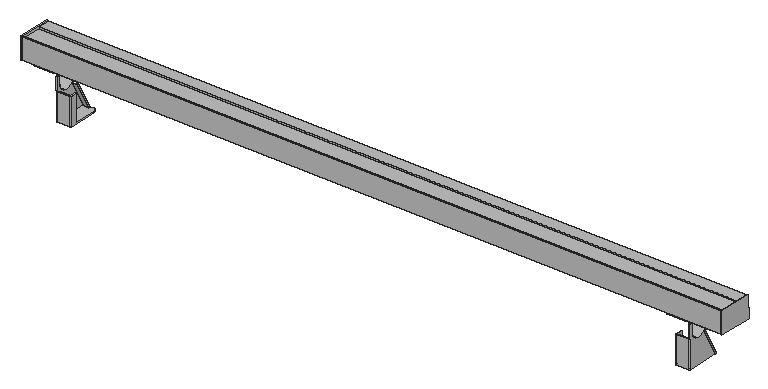
Revit family "4070765+4070747+4070771 Feilo Sylvania Lighting Fixtures CURSUS 1161MM 827LM OVAL LED 3K with SINGLE WALL HOUSING with 70MM WALL BRACKET", category Lighting Fixtures, host Face, Revit 2017
Family settings
  Host = Face
  Round Connector Dimension = Use Diameter
  Part Type = Normal
  OmniClass Number = 23.80.70.14
  OmniClass Title = Luminaries for External Lighting
  Cut with Voids When Loaded = Yes
  Light Source = No
  Shared = No
  Room Calculation Point = No
Parameters (values of type "4070765 CURSUS 1161MM 827LM OVAL LED 3K")
  Weight = "2.2 kg"
  Wattage Comments = "n/a"
  WarrantyStartDate [instance] = "n/a"
  WarrantyGuarantorParts = "n/a"
  WarrantyDurationUnit = "n/a"
  WarrantyDurationParts = "n/a"
  WarrantyDescription = "n/a"
  Voltage = 24 V
  URL = "http://www.sylvania-lighting.com"
  TypeName = "CURSUS 1161MM 827LM OVAL LED 3K"
  TypeFixture_FEILO = CURSUS with SINGLE WALL HOUSING : CURSUS 1161MM 827LM OVAL LED 3K
  Type Image = <None>
  Type Comments = "n/a"
  TiltAngle [instance] = 0.00°
  StartAngle [instance] = TiltAngle + 270.00°  # 270.00°
  SerialNumber [instance] = "n/a"
  ReflectorMaterial = none
  PowerFactor = 0
  PowerConsumption = "18 W"
  NominalLength = 1161 mm
  NominalHeight = 50 mm
  NominalDepth = 30 mm
  Name = "CURSUS 1161MM 827LM OVAL LED 3K"
  ModelReference = Name  # "CURSUS 1161MM 827LM OVAL LED 3K"
  ModelNumber = "4070765"
  Model = Name  # "CURSUS 1161MM 827LM OVAL LED 3K"
  Material = "natural anodised extruded aluminium structure housing, optical system with pmma lenses diffuser"
  ManufacturerName = "Feilo Sylvania"
  Manufacturer = "Feilo Sylvania"
  LuminousEfficacy = "45.94 lm/W"
  LuminaireType = ""
  LightOutputRatio = "100"
  LampsType = Lamp  # "LED"
  LampNominalLuminous = "827 lm"
  LampMacAdamStep = "n/a"
  LampColourTemperature = "3000 K"
  LampColourRenderingIndex = "80"
  Lamp = "LED"
  Keynote = "16500"
  InstallationDate [instance] = "n/a"
  InputVoltage = "24V DC"
  InputNominalFrequency = "n/a"
  IngressProtection = "IP67"
  ImpactProtectionIndex = "IK07"
  IfcExportType = "IfcLightFixtureType"
  IfcExportAs = "IfcLightFixtureType"
  ExpectedLife = 50000
  EndAngle [instance] = StartAngle - 180.00°  # 90.00°
  ElectricShockClassification = "Class III"
  DurationUnit = "hours"
  DocumentationLiterature = "http://www.sylvania-lighting.com/product/en-int/products/4070765"
  DimmingControlOptions = "n/a"
  DiffuserMaterial = Diffuser-Sylvania-Glow
  Description = "LED Exterior Lighting Recessed Surface Mounted Linear Fixture, Natural anodised extruded aluminium structure. Die-cast aluminium end caps. Installation kit with harmonic steel springs., 827 lm, 18W, 45lm/W, 3000K, CRI80+,non dimmable,IP67, IK07, (HxWxD) 1161x50x30mm, 3 step Mac Adam Ellipse, 2.2kg,, Classe III, 21-25V-DC, energy class : A++, A+, A"
  Default Elevation = 1219.2 mm
  CreatedOn = "1/8/2018"
  CreatedBy = ""
  Cost = 0
  built-in parameter 1114216 [instance] = (empty or 0)
  ClassificationValue = "EF_70_80"
  ClassificationName = "Uniclass2015"
  BracketWidth = 24 mm
  BracketThickness = 2 mm
  BracketHeightEnd = 32 mm
  BracketHeight = 55 mm
  BracketFlange = BracketHeight / 5  # 11 mm
  BracketExtension = 70 mm
  BracketEndReduction = 25 mm
  BracketC = 22 mm  # constant formula
  BracketDistance = 1030 mm
  BracketD = BracketHeightEnd - (BracketC * (BracketHeight - BracketHeightEnd) / (BracketExtension - BracketEndReduction))  # 20.756 mm
  BodyMaterial = Body-Sylvania-Gray
  BarCode [instance] = "n/a"
  AssetType = "Fixed"
  AssetIdentifier [instance] = "n/a"
  Assembly Code = "D5020200"
  Apparent Load = 18 VA
  AccessoryMaterial = Diffuser-Sylvania-Glow
Reference planes
  plane 1 "Center (Front/Back)": y = 0
  plane 2: z = 0
  plane 3 "Center (Left/Right)": x = 0
  plane 4: x = -527
  plane 5: x = 527
  plane 6: y = 55
  plane 7: x = -503
  plane 8: x = 503
  plane 9: z = 70
  plane 10: z = 56
  plane 11: z = 2
  plane 12: z = 45
  plane 13: x = -525
  plane 14: y = 53
  plane 15: y = 2
  plane 16: x = -505
  plane 17: x = 505
  plane 18: x = 525
  plane 19: x = -515
  plane 20: x = 515
  plane 21: y = 11
  plane 22: y = 32
  plane 23: y = 30
  plane 24: z = 67
  plane 25: y = 20.756
  plane 26: y = 16
Forms (mm)
  Blend 1, solid, material "Body-Sylvania-Gray" <- "BodyMaterial"
    base sketch origin (1223.4, -4572, 2) x (0, -1, 0) y (1, 0, 0)
      loop
        line (-4625, -1738.4) -> (-4627, -1738.4) -> (-4627, -1748.4)
        arc (-4627, -1748.4) -> (-4626.414, -1749.814) -> (-4625, -1750.4) r 2
        line (-4625, -1750.4) -> (-4574, -1750.4)
        arc (-4574, -1750.4) -> (-4572.586, -1749.814) -> (-4572, -1748.4) r 2
        line (-4572, -1748.4) -> (-4572, -1728.4)
        arc (-4572, -1728.4) -> (-4572.586, -1726.986) -> (-4574, -1726.4) r 2
        line (-4574, -1726.4) -> (-4583, -1726.4) -> (-4583, -1728.4) -> (-4574, -1728.4) -> (-4574, -1748.4) -> (-4625, -1748.4) -> (-4625, -1738.4)
    top sketch origin (1223.4, -4572, 2) x (0, -1, 0) y (1, 0, 0)
      loop
        line (-4583, -1728.4) -> (-4574, -1728.4) -> (-4574, -1748.4) -> (-4602, -1748.4) -> (-4602, -1738.4) -> (-4604, -1738.4) -> (-4604, -1748.4)
        arc (-4604, -1748.4) -> (-4603.52, -1749.71) -> (-4602.309, -1750.4) r 2.028
        line (-4602.309, -1750.4) -> (-4574, -1750.4)
        arc (-4574, -1750.4) -> (-4572.586, -1749.814) -> (-4572, -1748.4) r 2
        line (-4572, -1748.4) -> (-4572, -1728.4)
        arc (-4572, -1728.4) -> (-4572.586, -1726.986) -> (-4574, -1726.4) r 2
        line (-4574, -1726.4) -> (-4583, -1726.4) -> (-4583, -1728.4)
    from 0 to 43
  Extrusion 2, solid, material "Body-Sylvania-Gray" <- "BodyMaterial"
    sketch origin (0, 0, 0) x (1, 0, 0) y (0, 1, 0)
      loop
        arc (-525, 55) -> (-526.414, 54.414) -> (-527, 53) r 2
        line (-527, 53) -> (-527, 2)
        arc (-527, 2) -> (-526.414, 0.586) -> (-525, 0) r 2
        line (-525, 0) -> (-505, 0)
        arc (-505, 0) -> (-503.586, 0.586) -> (-503, 2) r 2
        line (-503, 2) -> (-503, 47.5)
        arc (-503, 47.5) -> (-505.197, 52.803) -> (-510.5, 55) r 7.5
        line (-510.5, 55) -> (-525, 55)
      loop
        line (525, 55) -> (510.5, 55)
        arc (510.5, 55) -> (505.197, 52.803) -> (503, 47.5) r 7.5
        line (503, 47.5) -> (503, 2)
        arc (503, 2) -> (503.586, 0.586) -> (505, 0) r 2
        line (505, 0) -> (525, 0)
        arc (525, 0) -> (526.414, 0.586) -> (527, 2) r 2
        line (527, 2) -> (527, 53)
        arc (527, 53) -> (526.414, 54.414) -> (525, 55) r 2
    from 0 to 2
  Blend 3, solid, material "Body-Sylvania-Gray" <- "BodyMaterial"
    base sketch origin (1223.4, -4572, 2) x (0, -1, 0) y (1, 0, 0)
      loop
        line (-4625, -698.4) -> (-4574, -698.4) -> (-4574, -718.4) -> (-4583, -718.4) -> (-4583, -720.4) -> (-4574, -720.4)
        arc (-4574, -720.4) -> (-4572.586, -719.814) -> (-4572, -718.4) r 2
        line (-4572, -718.4) -> (-4572, -698.4)
        arc (-4572, -698.4) -> (-4572.586, -696.986) -> (-4574, -696.4) r 2
        line (-4574, -696.4) -> (-4625, -696.4)
        arc (-4625, -696.4) -> (-4626.414, -696.986) -> (-4627, -698.4) r 2
        line (-4627, -698.4) -> (-4627, -708.4) -> (-4625, -708.4) -> (-4625, -698.4)
    top sketch origin (1223.4, -4572, 2) x (0, -1, 0) y (1, 0, 0)
      loop
        line (-4602, -708.4) -> (-4602, -698.4) -> (-4574, -698.4) -> (-4574, -718.4) -> (-4583, -718.4) -> (-4583, -720.4) -> (-4574, -720.4)
        arc (-4574, -720.4) -> (-4572.586, -719.814) -> (-4572, -718.4) r 2
        line (-4572, -718.4) -> (-4572, -698.4)
        arc (-4572, -698.4) -> (-4572.586, -696.986) -> (-4574, -696.4) r 2
        line (-4574, -696.4) -> (-4602, -696.4)
        arc (-4602, -696.4) -> (-4603.414, -696.986) -> (-4604, -698.4) r 2
        line (-4604, -698.4) -> (-4604, -708.4) -> (-4602, -708.4)
    from 0 to 43
  Blend 4, solid, material "Body-Sylvania-Gray" <- "BodyMaterial"
    base sketch origin (1223.4, -4572, 45) x (0, -1, 0) y (1, 0, 0)
      loop
        line (-4604, -1750.4) -> (-4572, -1750.4) -> (-4572, -1748.4) -> (-4604, -1748.4) -> (-4604, -1750.4)
    top sketch origin (1223.4, -4572, 45) x (0, -1, 0) y (1, 0, 0)
      loop
        line (-4572, -1750.4) -> (-4572, -1748.4) -> (-4592.756, -1748.4) -> (-4592.756, -1750.4) -> (-4572, -1750.4)
    from 0 to 22
  Blend 5, solid, material "Body-Sylvania-Gray" <- "BodyMaterial"
    base sketch origin (1223.4, -4572, 45) x (0, -1, 0) y (1, 0, 0)
      loop
        line (-4604, -698.4) -> (-4572, -698.4) -> (-4572, -696.4) -> (-4604, -696.4) -> (-4604, -698.4)
    top sketch origin (1223.4, -4572, 45) x (0, -1, 0) y (1, 0, 0)
      loop
        line (-4572, -696.4) -> (-4592.756, -696.4) -> (-4592.756, -698.4) -> (-4572, -698.4) -> (-4572, -696.4)
    from 0 to 22
  Extrusion 6, void
    sketch origin (0, 0, 0) x (0, 1, 0) y (0, 0, 1)
      loop
        line (0, 45) -> (2, 45) -> (2, 46.5) -> (0, 46.5) -> (0, 45)
      loop
        line (32, 45) -> (32, 46.5) -> (30, 46.5) -> (30, 45) -> (32, 45)
    from -527 to 527
  Revolve 7, solid, not visible
    sketch origin (1524, 16, 1219.2) x (1, 0, 0) y (0, 0, 1)
      loop
        line (-1524, -1152.2) -> (-1524, -1163.2) -> (-1009, -1163.2) -> (-1009, -1152.2) -> (-1524, -1152.2)
      axis (-1009, -1163.2) -> (-1524, -1163.2)
    angle from 270 <- "StartAngle" to 90 <- "EndAngle"
Cuts and joins
  Extrusion 6 cuts Blend 4
  Extrusion 6 cuts Blend 5
  joined: Blend 1, Extrusion 2, Blend 3, Blend 4, Blend 5
Lines and regions (mm)
  reference lines, not visible
    curve 1: line (-503, 16, 56) -> (503, 16, 56)
Dimensions and locks
  equal spacing: plane 4, plane 3 "Center (Left/Right)", plane 5
  "BracketDistance": plane 19 to plane 20
  "BracketHeight": plane 1 "Center (Front/Back)" to plane 6
  equal spacing: plane 7, plane 3 "Center (Left/Right)", plane 8
  "BracketWidth": plane 4 to plane 7
  "BracketExtension": plane 9 to plane 2
  "BracketThickness": plane 11 to plane 2
  "BracketEndReduction": plane 9 to plane 12
  equal spacing: plane 13, plane 3 "Center (Left/Right)", plane 18
  equal spacing: plane 16, plane 3 "Center (Left/Right)", plane 17
  "BracketThickness": plane 4 to plane 13
  "BracketThickness": plane 16 to plane 7
  "BracketThickness": plane 14 to plane 6
  "BracketThickness": plane 1 "Center (Front/Back)" to plane 15
  equal spacing: plane 4, plane 19, plane 7
  equal spacing: plane 8, plane 20, plane 5
  "BracketFlange": plane 1 "Center (Front/Back)" to plane 21
  "BracketHeightEnd": plane 1 "Center (Front/Back)" to plane 22
  "BracketThickness": plane 23 to plane 22
  locked: Extrusion 2 sketch curve to plane 7 at 7.5
  locked: Extrusion 2 sketch curve to plane 6 at 7.5  (x2)
  locked: plane 8 to Extrusion 2 sketch curve at 7.5
  "BracketC": plane 24 to plane 12
  "BracketD": plane 1 "Center (Front/Back)" to plane 25
  locked: plane 12 to Extrusion 6 sketch curve at 1.5
  equal spacing: plane 24, plane 10, plane 12
  equal spacing: plane 1 "Center (Front/Back)", plane 26, plane 22
  aligned and locked: plane 2 to host face
  aligned and locked: level to host face
  aligned and locked: plane 4 to Blend 1 sketch curve  (x2)
  aligned and locked: plane 13 to Blend 1 sketch curve  (x3)
  aligned and locked: Blend 1 sketch curve to plane 15
  aligned and locked: Blend 1 sketch curve to plane 16
  aligned and locked: Blend 1 sketch curve to plane 21
  aligned and locked: plane 7 to Blend 1 sketch curve
  aligned and locked: plane 16 to Blend 1 sketch curve
  aligned and locked: plane 1 "Center (Front/Back)" to Blend 1 sketch curve
  aligned and locked: plane 14 to Blend 1 sketch curve
  aligned and locked: Blend 1 sketch curve to var sketch  (x6)
  aligned and locked: Blend 1 sketch curve to plane 19
  aligned and locked: Blend 1 sketch curve to plane 22
  aligned and locked: plane 23 to Blend 1 sketch curve
  aligned and locked: plane 11 to Blend 1
  aligned and locked: Extrusion 2 sketch curve to Blend 1  (x3)
  aligned and locked: Extrusion 2 to level
  aligned and locked: Extrusion 2 to plane 11
  aligned and locked: Extrusion 2 sketch curve to plane 7
  aligned and locked: plane 18 to Blend 3 sketch curve  (x4)
  aligned and locked: plane 14 to Blend 3 sketch curve  (x2)
  aligned and locked: Blend 3 sketch curve to plane 20
  aligned and locked: Blend 3 sketch curve to plane 6
  aligned and locked: plane 5 to Blend 3 sketch curve
  aligned and locked: plane 1 "Center (Front/Back)" to Blend 3 sketch curve
  aligned and locked: plane 15 to Blend 3 sketch curve  (x2)
  aligned and locked: Blend 3 sketch curve to plane 8
  aligned and locked: Blend 3 sketch curve to plane 21
  aligned and locked: plane 17 to Blend 3 sketch curve
  aligned and locked: Blend 3 sketch curve to plane 18
  aligned and locked: plane 20 to Blend 3 sketch curve  (x2)
  aligned and locked: Blend 3 sketch curve to plane 23
  aligned and locked: Blend 3 sketch curve to var sketch  (x8)
  aligned and locked: var sketch to Blend 3 sketch curve
  aligned and locked: plane 22 to Blend 3 sketch curve
  aligned and locked: plane 11 to Blend 3
  aligned and locked: Extrusion 2 sketch curve to Blend 3  (x4)
  aligned and locked: Blend 1 to plane 12
  aligned and locked: Blend 3 to plane 12
  aligned and locked: Blend 4 sketch curve to plane 22
  aligned and locked: Blend 4 sketch curve to cut or joined group of Blend 1, Extrusion 2, Blend 3, Blend 4, Blend 5, Extrusion 6  (x2)
  aligned and locked: cut or joined group of Blend 1, Extrusion 2, Blend 3, Blend 4, Blend 5, Extrusion 6 to Blend 4 sketch curve
  aligned and locked: Blend 4 sketch curve to var sketch  (x2)
  aligned and locked: Blend 4 sketch curve to plane 13
  aligned and locked: Blend 4 to plane 24
  aligned and locked: Blend 4 sketch curve to plane 25
  aligned and locked: Blend 5 sketch curve to plane 18  (x2)
  aligned and locked: plane 1 "Center (Front/Back)" to Blend 5 sketch curve
  aligned and locked: plane 5 to Blend 5 sketch curve
  aligned and locked: plane 22 to Blend 5 sketch curve
  aligned and locked: Blend 5 sketch curve to var sketch
  aligned and locked: var sketch to Blend 5 sketch curve
  aligned and locked: Blend 5 sketch curve to plane 25
  aligned and locked: Blend 5 to plane 24
  aligned and locked: plane 12 to Blend 5
  aligned and locked: Extrusion 6 sketch curve to cut or joined group of Blend 1, Extrusion 2, Blend 3, Blend 4, Blend 5, Extrusion 6  (x2)
  aligned and locked: Extrusion 6 sketch curve to Extrusion 6 sketch curve
  aligned and locked: Extrusion 6 sketch curve to plane 15
  aligned and locked: plane 5 to Extrusion 6
  aligned and locked: Extrusion 6 to plane 4
  aligned and locked: Extrusion 6 sketch curve to plane 23
  aligned and locked: Revolve 7 sketch curve to plane 10  (x2)
  aligned and locked: plane 24 to Revolve 7 sketch curve
  aligned and locked: plane 3 "Center (Left/Right)" to Revolve 7 sketch curve
  aligned and locked: Revolve 7 sketch curve to plane 20
  aligned and locked: plane 7 to curve 1
  aligned and locked: plane 10 to curve 1
  aligned and locked: nested 1 to plane 5
  aligned and locked: nested 2 to plane 4
  aligned and locked: nested 1 to curve 1
  aligned and locked: nested 2 to curve 1
  aligned and locked: nested 3 to plane 3 "Center (Left/Right)"
  aligned and locked: nested 1 to nested 3
Automatic sketch dimensions
  host sketch curve to host sketch curve = 2438.4 mm  (x2)
  Blend 1 sketch curve to plane 13 = 0 mm
  plane 15 to Blend 1 sketch curve = 0 mm  (x3)
  Blend 1 sketch curve to plane 23 = 0.309 mm
  plane 6 to Blend 1 sketch curve = 0 mm
  plane 14 to Blend 1 sketch curve = 0 mm
  Blend 1 sketch curve to plane 19 = 0 mm
  Blend 3 sketch curve to plane 17 = 0 mm
  Extrusion 6 sketch curve to plane 1 "Center (Front/Back)" = 0 mm
  plane 12 to Extrusion 6 sketch curve = 0 mm
  Revolve 7 sketch curve to plane 4 = 1153 mm
  plane 5 to Revolve 7 sketch curve = 1161.4 mm
  curve 1 to plane 8 = 0 mm
Nested families
  nested 1: "MountingPlate" at (526, 16, 56) x (-1, 0, 0) z (0, 0, 1), type "MountingPlate"
  nested 2: "MountingPlate" at (-526, 16, 56) x (-1, 0, 0) z (0, 0, 1), type "MountingPlate"
  nested 3: "CURSUS with SINGLE WALL HOUSING" at (0, -4, 74) x (-1, 0, 0) z (0, 0, 1), type <- "TypeFixture_FEILO", type "CURSUS 1161MM 827LM OVAL LED 3K"
    with WarrantyStartDate "n/a", SerialNumber "n/a", InstallationDate "n/a", EndCapRight yes, EndCapLeft yes, built-in parameter 1114216 (empty or 0), BarCode "n/a", AssetIdentifier "n/a"
Connectors
  electrical at (0, 0, 0), driven by "Voltage", driven by "Apparent Load", driven by "PowerFactor"
    settings: index 1, voltage 24 V, apparent load 18 VA, apparent load phase1 0 VA, apparent load phase2 0 VA, apparent load phase3 0 VA, power factor 0, load classification "Other", number of poles 1, system type 30, power factor state 1, is connector primary yes, connector utility no, sub classification motor no, connector description ""
Definition of nested family "MountingPlate"
  Parameters (values of type "MountingPlate")
    URL = "http://www.feilosylvania.com"
    Type Comments = "n/a"
    ReflectorMaterial = none
    MountingPlateWidth = 76 mm
    MountingPlateThickness = 2 mm
    MountingPlateRadiusBack = 12 mm
    MountingPlateRadius = 3 mm
    MountingPlateHeight = 35 mm
    Model = "n/a"
    Manufacturer = "Feilo Sylvania"
    Keynote = "n/a"
    DiffuserMaterial = none
    Description = "n/a"
    Default Elevation = 1219.2 mm
    Cost = 0
    BodyMaterial = none
    Assembly Code = "n/a"
    AccessoryMaterial = none
  Reference planes
    plane 1 "Center (Front/Back)": y = 0
    plane 2: z = 0
    plane 3 "Center (Left/Right)": x = 0
    plane 4: x = -38
    plane 5: x = 38
    plane 6: y = 17.5
    plane 7: y = -17.5
    plane 8: x = -3
    plane 9: x = 3
    plane 10: z = 18
    plane 11: z = 16
    plane 12: y = 12.5
    plane 13: y = -12.5
    plane 14: x = -1
    plane 15: x = 1
    plane 16: z = -12.5
    plane 17: z = -14.5
  Forms (mm)
    Extrusion 1, solid
      sketch origin (1.653, 0, 0) x (1, 0, 0) y (0, 1, 0)
        loop
          line (-1219.2, 1219.2) -> (-1219.2, -1219.2) -> (1219.2, -1219.2) -> (1219.2, 1219.2) -> (-1219.2, 1219.2)
      from 0 to -304.8
    Extrusion 2, solid, material <- "BodyMaterial"
      sketch origin (1218.4, -4572, 16) x (0, -1, 0) y (-1, 0, 0)
        loop
          line (-4589.5, 1253.4) -> (-4589.5, 1224.4)
          arc (-4589.5, 1224.4) -> (-4588.621, 1222.279) -> (-4586.5, 1221.4) r 3
          line (-4586.5, 1221.4) -> (-4557.5, 1221.4)
          arc (-4557.5, 1221.4) -> (-4555.379, 1222.279) -> (-4554.5, 1224.4) r 3
          line (-4554.5, 1224.4) -> (-4554.5, 1253.4)
          arc (-4554.5, 1253.4) -> (-4555.379, 1255.521) -> (-4557.5, 1256.4) r 3
          line (-4557.5, 1256.4) -> (-4586.5, 1256.4)
          arc (-4586.5, 1256.4) -> (-4588.621, 1255.521) -> (-4589.5, 1253.4) r 3
        loop
          arc (-4589.5, 1183.4) -> (-4588.621, 1181.279) -> (-4586.5, 1180.4) r 3
          line (-4586.5, 1180.4) -> (-4557.5, 1180.4)
          arc (-4557.5, 1180.4) -> (-4555.379, 1181.279) -> (-4554.5, 1183.4) r 3
          line (-4554.5, 1183.4) -> (-4554.5, 1212.4)
          arc (-4554.5, 1212.4) -> (-4555.379, 1214.521) -> (-4557.5, 1215.4) r 3
          line (-4557.5, 1215.4) -> (-4586.5, 1215.4)
          arc (-4586.5, 1215.4) -> (-4588.621, 1214.521) -> (-4589.5, 1212.4) r 3
          line (-4589.5, 1212.4) -> (-4589.5, 1183.4)
      from 0 to -2
    Extrusion 3, solid, material <- "BodyMaterial"
      sketch origin (0, 0, 0) x (1, 0, 0) y (0, 0, 1)
        loop
          line (-3, 18) -> (-3, -12.5) -> (-1, -12.5) -> (-1, 16)
          arc (-1, 16) -> (-1.586, 17.414) -> (-3, 18) r 2
        loop
          line (3, -12.5) -> (3, 18)
          arc (3, 18) -> (1.586, 17.414) -> (1, 16) r 2
          line (1, 16) -> (1, -12.5) -> (3, -12.5)
      from -12.5 to 12.5
    Extrusion 4, void
      sketch origin (0, 0, 0) x (0, 1, 0) y (0, 0, 1)
        loop
          line (-12.5, -0.5) -> (-17.5, -0.5) -> (-17.5, -14.5) -> (-0.5, -14.5) -> (-0.5, -12.5)
          arc (-0.5, -12.5) -> (-8.985, -8.985) -> (-12.5, -0.5) r 12
        loop
          line (0.5, -12.5) -> (0.5, -14.5) -> (17.5, -14.5) -> (17.5, -0.5) -> (12.5, -0.5)
          arc (12.5, -0.5) -> (8.985, -8.985) -> (0.5, -12.5) r 12
      from -3 to 3
  Cuts and joins
    Extrusion 4 cuts Extrusion 2
    Extrusion 4 cuts Extrusion 3
    joined: Extrusion 2, Extrusion 3
  Lines and regions (mm)
    reference lines
      curve 1: line (-38, 0, 0) -> (38, 0, 0)
  Dimensions and locks
    equal spacing: plane 4, plane 3 "Center (Left/Right)", plane 5
    "MountingPlateWidth": plane 4 to plane 5
    equal spacing: plane 7, plane 1 "Center (Front/Back)", plane 6
    "MountingPlateHeight": plane 7 to plane 6
    equal spacing: plane 8, plane 3 "Center (Left/Right)", plane 9
    "MountingPlateHeight": plane 4 to plane 8
    locked: plane 10 to plane 2 at 18
    "MountingPlateThickness": plane 10 to plane 11
    equal spacing: plane 13, plane 1 "Center (Front/Back)", plane 12
    locked: plane 13 to plane 12 at 25
    "MountingPlateRadius": plane 4 to Extrusion 2 sketch curve  (x2)
    "MountingPlateRadius": Extrusion 2 sketch curve to plane 6  (x4)
    "MountingPlateRadius": Extrusion 2 sketch curve to plane 8  (x2)
    "MountingPlateRadius": plane 7 to Extrusion 2 sketch curve  (x4)
    "MountingPlateRadius": plane 9 to Extrusion 2 sketch curve  (x2)
    "MountingPlateRadius": Extrusion 2 sketch curve to plane 5  (x2)
    equal spacing: plane 15, plane 3 "Center (Left/Right)", plane 14
    "MountingPlateThickness": plane 14 to plane 8
    locked: plane 2 to plane 16 at 12.5
    locked: plane 17 to plane 16 at 2
    "MountingPlateRadiusBack": plane 13 to Extrusion 4 sketch curve
    "MountingPlateRadiusBack": plane 16 to Extrusion 4 sketch curve  (x2)
    "MountingPlateRadiusBack": Extrusion 4 sketch curve to plane 12
    aligned and locked: plane 2 to Extrusion 1
    aligned and locked: level to Extrusion 1
    aligned and locked: Extrusion 2 sketch curve to plane 6
    aligned and locked: Extrusion 2 sketch curve to plane 4
    aligned and locked: plane 7 to Extrusion 2 sketch curve
    aligned and locked: plane 8 to Extrusion 2 sketch curve
    aligned and locked: plane 6 to Extrusion 2 sketch curve
    aligned and locked: Extrusion 2 sketch curve to plane 5
    aligned and locked: Extrusion 2 sketch curve to plane 7
    aligned and locked: plane 9 to Extrusion 2 sketch curve
    aligned and locked: Extrusion 2 to plane 10
    aligned and locked: plane 11 to Extrusion 2
    aligned and locked: Extrusion 3 sketch curve to Extrusion 2  (x2)
    aligned and locked: plane 16 to Extrusion 3 sketch curve  (x2)
    aligned and locked: plane 14 to Extrusion 3 sketch curve
    aligned and locked: plane 9 to Extrusion 3 sketch curve
    aligned and locked: plane 15 to Extrusion 3 sketch curve
    aligned and locked: Extrusion 3 to plane 12
    aligned and locked: plane 13 to Extrusion 3
    aligned and locked: plane 17 to Extrusion 4 sketch curve  (x2)
    aligned and locked: Extrusion 4 sketch curve to plane 7
    aligned and locked: Extrusion 4 sketch curve to plane 6
    aligned and locked: plane 9 to Extrusion 4
    aligned and locked: Extrusion 4 to plane 8
    aligned and locked: plane 4 to curve 1
    aligned and locked: curve 1 to level
  Automatic sketch dimensions
    Extrusion 1 sketch curve to Extrusion 1 sketch curve = 2438.4 mm  (x2)
    Extrusion 3 sketch curve to plane 11 = 0 mm
    curve 1 to plane 5 = 0 mm
    Extrusion 4 sketch curve to plane 13 = 0 mm
    Extrusion 4 sketch curve to plane 12 = 0 mm
Definition of nested family "CURSUS with SINGLE WALL HOUSING"
  Parameters (values of type "CURSUS 1161MM 827LM OVAL LED 3K")
    Width_FEILO = 35 mm
    Weight = "2.2 kg"
    Wattage Comments = "n/a"
    Wattage = 18 W
    WarrantyStartDate [instance] = "n/a"
    WarrantyGuarantorParts = "n/a"
    WarrantyDurationUnit = "n/a"
    WarrantyDurationParts = "n/a"
    WarrantyDescription = "n/a"
    WallThickness_FEILO = 2.5 mm
    built-in parameter 1150110 = 1 (stored number, unit not read)
    Voltage = 24 V
    URL = "http://www.feilosylvania.com"
    TypeName = "CURSUS 1161MM 827LM OVAL LED 3K"
    Type Image = (empty or 0)
    Type Comments = "n/a"
    built-in parameter 1114217 = 1 (stored number, unit not read)
    Tilt Angle = -90.00°
    built-in parameter 1150109 = 1 (stored number, unit not read)
    built-in parameter 1150134 = (empty or 0)
    built-in parameter 1150113 = 1 (stored number, unit not read)
    SerialNumber [instance] = "n/a"
    ReflectorMaterial = none
    PowerFactor = 0
    PowerConsumption = "18 W"
    Photometric Web File = "4070765.ies"
    NominalLength = 1161 mm
    NominalHeight = 50 mm
    NominalDepth = 30 mm
    Name = "CURSUS 1161MM 827LM OVAL LED 3K"
    ModelReference = Name  # "CURSUS 1161MM 827LM OVAL LED 3K"
    ModelNumber = ""
    Model = Name  # "CURSUS 1161MM 827LM OVAL LED 3K"
    Material = "natural anodised extruded aluminium structure housing, optical system with pmma lenses diffuser"
    ManufacturerName = "Feilo Sylvania"
    Manufacturer = "Feilo Sylvania"
    LuminousEfficacy = "45.94 lm/W"
    built-in parameter 1150105 = 1166.5 (stored number, unit not read)
    Lumens = 827 lm
    LuminaireType = ""
    built-in parameter 1150115 = 1 (stored number, unit not read)
    LightOutputRatio = "100"
    built-in parameter 1150137 = (empty or 0)
    built-in parameter 1150139 = (empty or 0)
    Length_FEILO = 1167 mm
    LampsType = Lamp  # "LED"
    LampNominalLuminous = "827 lm"
    LampMacAdamStep = "n/a"
    LampColourTemperature = "3000 K"
    LampColourRenderingIndex = "80"
    built-in parameter 1150112 = 1 (stored number, unit not read)
    built-in parameter 1150114 = 1 (stored number, unit not read)
    Lamp = "LED"
    Keynote = "16500"
    InstallationDate [instance] = "n/a"
    InputVoltage = "24V DC"
    InputNominalFrequency = "n/a"
    built-in parameter 1150132 = (empty or 0)
    built-in parameter 1150102 = (empty or 0)
    built-in parameter 1150107 = 3000 (stored number, unit not read)
    built-in parameter 1150138 = (empty or 0)
    IngressProtection = "IP67"
    ImpactProtectionIndex = "IK07"
    built-in parameter 1150106 = 11.665 (stored number, unit not read)
    IfcExportType = "IfcLightFixtureType"
    IfcExportAs = "IfcLightFixtureType"
    ExpectedLife = 50000
    EndCapRight [instance] = yes
    EndCapLeft [instance] = yes
    Emit from Rectangle Width = Width_FEILO - WallThickness_FEILO * 2  # 30 mm
    Emit from Rectangle Length = Length_FEILO - WallThickness_FEILO * 2  # 1162 mm
    Emit Shape Visible in Rendering = no
    ElectricShockClassification = "Class III"
    built-in parameter 1150104 = 4.2684 (stored number, unit not read)
    DurationUnit = "hours"
    DocumentationLiterature = "http://www.feilosylvania.com/product/en-int/products/4070765"
    DimmingControlOptions = "n/a"
    Dimming Lamp Color Temperature Shift = (empty or 0)
    DiffuserMaterial = none
    Description = "LED Exterior Lighting Recessed Surface Mounted Linear Fixture, Natural anodised extruded aluminium structure. Die-cast aluminium end caps. Installation kit with harmonic steel springs., 827 lm, 18W, 45lm/W, 3000K, CRI80+,non dimmable,IP67, IK07, (HxWxD) 1161x50x30mm, 3 step Mac Adam Ellipse, 2.2kg,, Classe III, 21-25V-DC, energy class : A++, A+, A"
    Default Elevation = 1219.2 mm
    CreatedOn = "1/8/2018"
    CreatedBy = "aron.fodor@feilosylvania.com"
    Cost = 0
    Color Filter = 16777215
    built-in parameter 1114216 [instance] = (empty or 0)
    ClassificationValue = "EF_70_80"
    ClassificationName = "Uniclass2015"
    BodyMaterial = none
    BarCode [instance] = "n/a"
    built-in parameter 1114218 = 1 (stored number, unit not read)
    built-in parameter 1150133 = 10 (stored number, unit not read)
    AssetType = "Fixed"
    AssetIdentifier [instance] = "n/a"
    Assembly Code = "D5020200"
    Apparent Load = 18 VA
    AccessoryMaterial = none
  Types (16, lengths in mm): name | Weight | Wattage | Voltage | TypeName | built-in parameter 1150134 | PowerConsumption | Photometric Web File | NominalLength | Name | ModelReference | Model | Material | LuminousEfficacy | built-in parameter 1150105 | Lumens | Length_FEILO | LampNominalLuminous | LampColourTemperature | InputVoltage | InputNominalFrequency | built-in parameter 1150107 | built-in parameter 1150106 | Emit from Rectangle Length | built-in parameter 1150104 | DocumentationLiterature | Description | Apparent Load
    CURSUS 1161MM 827LM OVAL LED 3K | "2.2 kg" | 18 W | 24 V | "CURSUS 1161MM 827LM OVAL LED 3K" | (empty or 0) | "18 W" | "4070765.ies" | 1161 | "CURSUS 1161MM 827LM OVAL LED 3K" | "CURSUS 1161MM 827LM OVAL LED 3K" | "CURSUS 1161MM 827LM OVAL LED 3K" | "natural anodised extruded aluminium structure housing, optical system with pmma lenses diffuser" | "45.94 lm/W" | 1166.5 (stored number, unit not read) | 827 lm | 1167 | "827 lm" | "3000 K" | "24V DC" | "n/a" | 3000 (stored number, unit not read) | 11.665 (stored number, unit not read) | 1162 | 4.2684 (stored number, unit not read) | "http://www.feilosylvania.com/product/en-int/products/4070765" | "LED Exterior Lighting Recessed Surface Mounted Linear Fixture, Natural anodised extruded aluminium structure. Die-cast aluminium end caps. Installation kit with harmonic steel springs., 827 lm, 18W, 45lm/W, 3000K, CRI80+,non dimmable,IP67, IK07, (HxWxD) 1161x50x30mm, 3 step Mac Adam Ellipse, 2.2kg,, Classe III, 21-25V-DC, energy class : A++, A+, A" | 18 VA
    CURSUS 1161MM 731LM WIDE LED 3K | "2.2 kg" | 18 W | 230 V | "CURSUS 1161MM 731LM WIDE LED 3K" | (empty or 0) | "18 W" | "4070764.ies" | 1161 | "CURSUS 1161MM 731LM WIDE LED 3K" | "CURSUS 1161MM 731LM WIDE LED 3K" | "CURSUS 1161MM 731LM WIDE LED 3K" | "natural anodised extruded aluminium structure housing" | "40.61 lm/W" | 403.47 (stored number, unit not read) | 731 lm | 1167 | "731 lm" | "3000 K" | "220-240V~" | "n/a" | 3000 (stored number, unit not read) | 4.0347 (stored number, unit not read) | 1162 | 3.7729 (stored number, unit not read) | "http://www.feilosylvania.com/product/en-int/products/4070764" | "LED Exterior Lighting Recessed Surface Mounted Linear Fixture, Natural anodised extruded aluminium structure. Die-cast aluminium end caps. Installation kit with harmonic steel springs., 731 lm, 18W, 40lm/W, 3000K, CRI80+,non dimmable,IP67, IK07, (HxWxD) 1161x50x30mm, 3 step Mac Adam Ellipse, 2.2kg,, Classe III, 21-25V-DC, energy class : A++, A+, A" | 18 VA
    CURSUS 1161MM 871LM OVAL LED 4K | "2.2 kg" | 18 W | 24 V | "CURSUS 1161MM 871LM OVAL LED 4K" | 12 | "18 W" | "4070763.ies" | 1161 | "CURSUS 1161MM 871LM OVAL LED 4K" | "CURSUS 1161MM 871LM OVAL LED 4K" | "CURSUS 1161MM 871LM OVAL LED 4K" | "natural anodised extruded aluminium structure housing, optical system with pmma lenses diffuser" | "48.38 lm/W" | 1192.8 (stored number, unit not read) | 871 lm | 1167 | "871 lm" | "4000 K" | "24V DC" | "50/60 Hz" | 4000 (stored number, unit not read) | 11.928 (stored number, unit not read) | 1162 | 4.4955 (stored number, unit not read) | "http://www.feilosylvania.com/product/en-int/products/4070763" | "LED Exterior Lighting Recessed Surface Mounted Linear Fixture, Natural anodised extruded aluminium structure. Die-cast aluminium end caps. Installation kit with harmonic steel springs., 871 lm, 18W,  48lm/W, 4000K, CRI80+,non dimmable,IP67, IK07, (HxWxD) 1161x50x30mm, 3 step Mac Adam Ellipse, 2.2kg,, Classe III, 21-25V-DC, energy class : A++, A+, A" | 18 VA
    CURSUS 1161MM 770LM WIDE LED 4K | "2.2 kg" | 18 W | 230 V | "CURSUS 1161MM 770LM WIDE LED 4K" | 12 | "18 W" | "4070762.ies" | 1161 | "CURSUS 1161MM 770LM WIDE LED 4K" | "CURSUS 1161MM 770LM WIDE LED 4K" | "CURSUS 1161MM 770LM WIDE LED 4K" | "natural anodised extruded aluminium structure housing" | "42.77 lm/W" | 424.94 (stored number, unit not read) | 770 lm | 1167 | "770 lm" | "4000 K" | "220-240V~" | "n/a" | 4000 (stored number, unit not read) | 4.2494 (stored number, unit not read) | 1162 | 3.9742 (stored number, unit not read) | "http://www.feilosylvania.com/product/en-int/products/4070762" | "LED Exterior Lighting Recessed Surface Mounted Linear Fixture, Natural anodised extruded aluminium structure. Die-cast aluminium end caps. Installation kit with harmonic steel springs., 770 lm, 18W,  42lm/W, 4000K, CRI80+,non dimmable,IP67, IK07, (HxWxD) 1161x50x30mm, 3 step Mac Adam Ellipse, 2.2kg,, Classe III, 21-25V-DC, energy class : A++, A+, A" | 18 VA
    CURSUS 876MM 620LM OVAL LED 3K | "1.7 kg" | 13.5 W | 24 V | "CURSUS 876MM 620LM OVAL LED 3K" | (empty or 0) | "13.5 W" | "4070758.ies" | 876 | "CURSUS 876MM 620LM OVAL LED 3K" | "CURSUS 876MM 620LM OVAL LED 3K" | "CURSUS 876MM 620LM OVAL LED 3K" | "natural anodised extruded aluminium structure housing, optical system with pmma lenses diffuser" | "45.92 lm/W" | 874.55 (stored number, unit not read) | 620 lm | 882 | "620 lm" | "3000 K" | "24V DC" | "50/60 Hz" | 3000 (stored number, unit not read) | 8.7455 (stored number, unit not read) | 877 | 4.2667 (stored number, unit not read) | "http://www.feilosylvania.com/product/en-int/products/4070758" | "LED Exterior Lighting Recessed Surface Mounted Linear Fixture, Natural anodised extruded aluminium structure. Die-cast aluminium end caps. Installation kit with harmonic steel springs., 620 lm, 13,5W, 45lm/W, 3000K, CRI80+,non dimmable,IP67, IK07, (HxWxD) 876x50x30mm, 3 step Mac Adam Ellipse, 1.7kg,, Classe III, 21-25V-DC, energy class : A++, A+, A" | 13.5 VA
    CURSUS 876MM 548LM WIDE LED 3K | "1.7 kg" | 13.5 W | 24 V | "CURSUS 876MM 548LM WIDE LED 3K" | (empty or 0) | "13.5 W" | "4070757.ies" | 876 | "CURSUS 876MM 548LM WIDE LED 3K" | "CURSUS 876MM 548LM WIDE LED 3K" | "CURSUS 876MM 548LM WIDE LED 3K" | "natural anodised extruded aluminium structure housing" | "40.59 lm/W" | 302.47 (stored number, unit not read) | 548 lm | 882 | "548 lm" | "3000 K" | "24V DC" | "n/a" | 3000 (stored number, unit not read) | 3.0247 (stored number, unit not read) | 877 | 3.7712 (stored number, unit not read) | "http://www.feilosylvania.com/product/en-int/products/4070757" | "LED Exterior Lighting Recessed Surface Mounted Linear Fixture, Natural anodised extruded aluminium structure. Die-cast aluminium end caps. Installation kit with harmonic steel springs., 548 lm, 13,5W, 40lm/W, 3000K, CRI80+,non dimmable,IP67, IK07, (HxWxD) 876x50x30mm, 3 step Mac Adam Ellipse, 1.7kg,, Classe III, 21-25V-DC, energy class : A++, A+, A" | 13.5 VA
    CURSUS 876MM 653LM OVAL LED 4K | "1.7 kg" | 13.5 W | 24 V | "CURSUS 876MM 653LM OVAL LED 4K" | 12 | "13.5 W" | "4070756.ies" | 876 | "CURSUS 876MM 653LM OVAL LED 4K" | "CURSUS 876MM 653LM OVAL LED 4K" | "CURSUS 876MM 653LM OVAL LED 4K" | "natural anodised extruded aluminium structure housing, optical system with pmma lenses diffuser" | "48.37 lm/W" | 894.28 (stored number, unit not read) | 653 lm | 882 | "653 lm" | "4000 K" | "24V DC" | "n/a" | 4000 (stored number, unit not read) | 8.9428 (stored number, unit not read) | 877 | 4.4938 (stored number, unit not read) | "http://www.feilosylvania.com/product/en-int/products/4070756" | "LED Exterior Lighting Recessed Surface Mounted Linear Fixture, Natural anodised extruded aluminium structure. Die-cast aluminium end caps. Installation kit with harmonic steel springs., 653 lm, 13,5W,  48lm/W, 4000K, CRI80+,non dimmable,IP67, IK07, (HxWxD) 876x50x30mm, 3 step Mac Adam Ellipse, 1.7kg,, Classe III, 21-25V-DC, energy class : A++, A+, A" | 13.5 VA
    CURSUS 876MM 577LM WIDE LED 4K | "1.7 kg" | 13.5 W | 24 V | "CURSUS 876MM 577LM WIDE LED 4K" | 12 | "13.5 W" | "4070755.ies" | 876 | "CURSUS 876MM 577LM WIDE LED 4K" | "CURSUS 876MM 577LM WIDE LED 4K" | "CURSUS 876MM 577LM WIDE LED 4K" | "natural anodised extruded aluminium structure housing" | "42.74 lm/W" | 318.43 (stored number, unit not read) | 577 lm | 882 | "577 lm" | "4000 K" | "24V DC" | "n/a" | 4000 (stored number, unit not read) | 3.1843 (stored number, unit not read) | 877 | 3.9707 (stored number, unit not read) | "http://www.feilosylvania.com/product/en-int/products/4070755" | "LED Exterior Lighting Recessed Surface Mounted Linear Fixture, Natural anodised extruded aluminium structure. Die-cast aluminium end caps. Installation kit with harmonic steel springs., 577 lm, 13,5W,  42lm/W, 4000K, CRI80+,non dimmable,IP67, IK07, (HxWxD) 876x50x30mm, 3 step Mac Adam Ellipse, 1.7kg,, Classe III, 21-25V-DC, energy class : A++, A+, A" | 13.5 VA
    CURSUS 591MM 414LM OVAL LED 3K | "1.2 kg" | 9 W | 24 V | "CURSUS 591MM 414LM OVAL LED 3K" | (empty or 0) | "9 W" | "4070751.ies" | 591 | "CURSUS 591MM 414LM OVAL LED 3K" | "CURSUS 591MM 414LM OVAL LED 3K" | "CURSUS 591MM 414LM OVAL LED 3K" | "natural anodised extruded aluminium structure housing, optical system with pmma lenses diffuser" | "46 lm/W" | 583.97 (stored number, unit not read) | 414 lm | 597 | "414 lm" | "3000 K" | "24V DC" | "n/a" | 3000 (stored number, unit not read) | 5.8397 (stored number, unit not read) | 592 | 4.2735 (stored number, unit not read) | "http://www.feilosylvania.com/product/en-int/products/4070751" | "LED Exterior Lighting Recessed Surface Mounted Linear Fixture, Natural anodised extruded aluminium structure. Die-cast aluminium end caps. Installation kit with harmonic steel springs., 414 lm, 9W, 46lm/W, 3000K, CRI80+,non dimmable,IP67, IK07, (HxWxD) 591x50x30mm, 3 step Mac Adam Ellipse, 1.2kg,, Classe III, 21-25V-DC, energy class : A++, A+, A" | 9 VA
    CURSUS 591MM 365LM WIDE LED 3K | "1.2 kg" | 9 W | 24 V | "CURSUS 591MM 365LM WIDE LED 3K" | (empty or 0) | "9 W" | "4070750.ies" | 591 | "CURSUS 591MM 365LM WIDE LED 3K" | "CURSUS 591MM 365LM WIDE LED 3K" | "CURSUS 591MM 365LM WIDE LED 3K" | "natural anodised extruded aluminium structure housing" | "40.55 lm/W" | 201.45 (stored number, unit not read) | 365 lm | 597 | "365 lm" | "3000 K" | "24V DC" | "n/a" | 3000 (stored number, unit not read) | 2.0145 (stored number, unit not read) | 592 | 3.7677 (stored number, unit not read) | "http://www.feilosylvania.com/product/en-int/products/4070750" | "LED Exterior Lighting Recessed Surface Mounted Linear Fixture, Natural anodised extruded aluminium structure. Die-cast aluminium end caps. Installation kit with harmonic steel springs., 365 lm, 9W, 40lm/W, 3000K, CRI80+,non dimmable,IP67, IK07, (HxWxD) 591x50x30mm, 3 step Mac Adam Ellipse, 1.2kg,, Classe III, 21-25V-DC, energy class : A++, A+, A" | 9 VA
    CURSUS 591MM 435LM OVAL LED 4K | "1.2 kg" | 9 W | 24 V | "CURSUS 591MM 435LM OVAL LED 4K" | 12 | "9 W" | "4070749.ies" | 591 | "CURSUS 591MM 435LM OVAL LED 4K" | "CURSUS 591MM 435LM OVAL LED 4K" | "CURSUS 591MM 435LM OVAL LED 4K" | "natural anodised extruded aluminium structure housing, optical system with pmma lenses diffuser" | "48.33 lm/W" | 595.73 (stored number, unit not read) | 435 lm | 597 | "435 lm" | "4000 K" | "24V DC" | "n/a" | 4000 (stored number, unit not read) | 5.9573 (stored number, unit not read) | 592 | 4.4903 (stored number, unit not read) | "http://www.feilosylvania.com/product/en-int/products/4070749" | "LED Exterior Lighting Recessed Surface Mounted Linear Fixture, Natural anodised extruded aluminium structure. Die-cast aluminium end caps. Installation kit with harmonic steel springs., 435 lm, 9W, 48lm/W, 4000K, CRI80+,non dimmable,IP67, IK07, (HxWxD) 591x50x30mm, 3 step Mac Adam Ellipse, 1.2kg,, Classe III, 21-25V-DC, energy class : A++, A+, A" | 9 VA
    CURSUS 591MM 385LM WIDE LED 4K | "1.2 kg" | 9 W | 24 V | "CURSUS 591MM 385LM WIDE LED 4K" | 12 | "9 W" | "4070748.ies" | 591 | "CURSUS 591MM 385LM WIDE LED 4K" | "CURSUS 591MM 385LM WIDE LED 4K" | "CURSUS 591MM 385LM WIDE LED 4K" | "natural anodised extruded aluminium structure housing" | "42.77 lm/W" | 212.47 (stored number, unit not read) | 385 lm | 597 | "385 lm" | "4000 K" | "24V DC" | "n/a" | 4000 (stored number, unit not read) | 2.1247 (stored number, unit not read) | 592 | 3.9742 (stored number, unit not read) | "http://www.feilosylvania.com/product/en-int/products/4070748" | "LED Exterior Lighting Recessed Surface Mounted Linear Fixture, Natural anodised extruded aluminium structure. Die-cast aluminium end caps. Installation kit with harmonic steel springs., 385 lm, 9W,  42lm/W, 4000K, CRI80+,non dimmable,IP67, IK07, (HxWxD) 591x50x30mm, 3 step Mac Adam Ellipse, 1.2kg,, Classe III, 21-25V-DC, energy class : A++, A+, A" | 9 VA
    CURSUS 306MM 207LM OVAL LED3K | "0.6 kg" | 4.5 W | 24 V | "CURSUS 306MM 207LM OVAL LED3K" | (empty or 0) | "4.5 W" | "4070744.ies" | 306 | "CURSUS 306MM 207LM OVAL LED3K" | "CURSUS 306MM 207LM OVAL LED3K" | "CURSUS 306MM 207LM OVAL LED3K" | "natural anodised extruded aluminium structure housing, optical system with pmma lenses diffuser" | "46 lm/W" | 291.98 (stored number, unit not read) | 207 lm | 312 | "207 lm" | "3000 K" | "24V DC" | "n/a" | 3000 (stored number, unit not read) | 2.9198 (stored number, unit not read) | 307 | 4.2735 (stored number, unit not read) | "http://www.feilosylvania.com/product/en-int/products/4070744" | "LED Exterior Lighting Recessed Surface Mounted Linear Fixture, Natural anodised extruded aluminium structure. Die-cast aluminium end caps. Installation kit with harmonic steel springs., 207 lm, 4,5W, 46lm/W, 3000K, CRI80+,non dimmable,IP67, IK07, (HxWxD) 306x50x30mm, 3 step Mac Adam Ellipse, 0.6kg,, Classe III, 21-25V-DC, energy class : A++, A+, A" | 4.5 VA
    CURSUS 306MM 183LM WIDE LED 3K | "0.6 kg" | 4.5 W | 24 V | "CURSUS 306MM 183LM WIDE LED 3K" | (empty or 0) | "4.5 W" | "4070743.ies" | 306 | "CURSUS 306MM 183LM WIDE LED 3K" | "CURSUS 306MM 183LM WIDE LED 3K" | "CURSUS 306MM 183LM WIDE LED 3K" | "natural anodised extruded aluminium structure housing" | "40.66 lm/W" | 101.01 (stored number, unit not read) | 183 lm | 312 | "183 lm" | "3000 K" | "24V DC" | "n/a" | 3000 (stored number, unit not read) | 1.0101 (stored number, unit not read) | 307 | 3.7781 (stored number, unit not read) | "http://www.feilosylvania.com/product/en-int/products/4070743" | "LED Exterior Lighting Recessed Surface Mounted Linear Fixture, Natural anodised extruded aluminium structure. Die-cast aluminium end caps. Installation kit with harmonic steel springs., 183 lm, 4,5W, 40lm/W, 3000K, CRI80+,non dimmable,IP67, IK07, (HxWxD) 306x50x30mm, 3 step Mac Adam Ellipse, 0.6kg,, Classe III, 21-25V-DC, energy class : A++, A+, A" | 4.5 VA
    CURSUS 306MM 218LM OVAL LED 4K | "0.6 kg" | 4.5 W | 24 V | "CURSUS 306MM 218LM OVAL LED 4K" | 12 | "4.5 W" | "4070742.ies" | 306 | "CURSUS 306MM 218LM OVAL LED 4K" | "CURSUS 306MM 218LM OVAL LED 4K" | "CURSUS 306MM 218LM OVAL LED 4K" | "natural anodised extruded aluminium structure housing, optical system with pmma lenses diffuser" | "48.44 lm/W" | 298.55 (stored number, unit not read) | 218 lm | 312 | "218 lm" | "4000 K" | "24V DC" | "n/a" | 4000 (stored number, unit not read) | 2.9855 (stored number, unit not read) | 307 | 4.5006 (stored number, unit not read) | "http://www.feilosylvania.com/product/en-int/products/4070742" | "LED Exterior Lighting Recessed Surface Mounted Linear Fixture, Natural anodised extruded aluminium structure. Die-cast aluminium end caps. Installation kit with harmonic steel springs., 218 lm, 4,5W,  48lm/W, 4000K, CRI80+,non dimmable,IP67, IK07, (HxWxD) 306x50x30mm, 3 step Mac Adam Ellipse, 0.6kg,, Classe III, 21-25V-DC, energy class : A++, A+, A" | 4.5 VA
    CURSUS 306MM 192LM WIDE LED 4K | "0.6 kg" | 4.5 W | 24 V | "CURSUS 306MM 192LM WIDE LED 4K" | 12 | "4.5 W" | "4070741.ies" | 306 | "CURSUS 306MM 192LM WIDE LED 4K" | "CURSUS 306MM 192LM WIDE LED 4K" | "CURSUS 306MM 192LM WIDE LED 4K" | "natural anodised extruded aluminium structure housing" | "42.66 lm/W" | 105.96 (stored number, unit not read) | 192 lm | 312 | "192 lm" | "4000 K" | "24V DC" | "n/a" | 4000 (stored number, unit not read) | 1.0596 (stored number, unit not read) | 307 | 3.9639 (stored number, unit not read) | "http://www.feilosylvania.com/product/en-int/products/4070741" | "LED Exterior Lighting Recessed Surface Mounted Linear Fixture, Natural anodised extruded aluminium structure. Die-cast aluminium end caps. Installation kit with harmonic steel springs., 192 lm, 4,5W,  42lm/W, 4000K, CRI80+,non dimmable,IP67, IK07, (HxWxD) 306x50x30mm, 3 step Mac Adam Ellipse, 0.6kg,, Classe III, 21-25V-DC, energy class : A++, A+, A" | 4.5 VA
  Reference planes
    plane 1 "Center (Front/Back)": y = 0
    plane 2: z = 0
    plane 3 "Center (Left/Right)": x = 0
    plane 4: x = 583.5
    plane 5: x = -583.5
    plane 6: x = -581
    plane 7: x = 581
    plane 8: z = 35
    plane 9: z = 17.5
    plane 10: z = 32.5
    plane 11: z = 2.5
    plane 12: z = 30
    plane 13: z = 5
    plane 14: y = -55
    plane 15: y = -53
    plane 16: y = -2.5
    plane 17: y = -37
    plane 18: y = -34.5
  Forms (mm)
    Extrusion 1, solid
      sketch origin (4.2, 0, 0) x (1, 0, 0) y (0, 1, 0)
        loop
          line (-1219.2, 1219.2) -> (-1219.2, -1219.2) -> (1219.2, -1219.2) -> (1219.2, 1219.2) -> (-1219.2, 1219.2)
      from 0 to -304.8
    Extrusion 2, solid, material <- "BodyMaterial"
      sketch origin (0, 0, 0) x (0, 1, 0) y (0, 0, 1)
        loop
          line (0, 35) -> (-2.5, 35) -> (-2.5, 32.5) -> (-34.5, 32.5) -> (-34.5, 35) -> (-55, 35) -> (-55, 32.5) -> (-37, 32.5) -> (-37, 30) -> (-2.5, 30) -> (-2.5, 5) -> (-37, 5) -> (-37, 2.5) -> (-55, 2.5) -> (-55, 0) -> (-34.5, 0) -> (-34.5, 2.5) -> (-2.5, 2.5) -> (-2.5, 0) -> (0, 0) -> (0, 35)
      from -581 to 581
    Extrusion 3, solid, material <- "DiffuserMaterial"
      sketch origin (0, 0, 0) x (0, 1, 0) y (0, 0, 1)
        loop
          line (-37, 32.5) -> (-55, 32.5) -> (-55, 19.5) -> (-53, 17.5) -> (-55, 15.5) -> (-55, 2.5) -> (-37, 2.5) -> (-37, 32.5)
      from -581 to 581
    Extrusion 4, solid, material <- "BodyMaterial", visible <- "EndCapRight"
      sketch origin (581, 1524, 1219.2) x (0, 1, 0) y (0, 0, 1)
        loop
          line (-1579, -1184.2) -> (-1579, -1219.2) -> (-1524, -1219.2) -> (-1524, -1184.2) -> (-1579, -1184.2)
      from 0 to 2.5
    Extrusion 5, solid, material <- "BodyMaterial", visible <- "EndCapLeft"
      sketch origin (-581, 1524, 1219.2) x (0, 1, 0) y (0, 0, 1)
        loop
          line (-1579, -1184.2) -> (-1579, -1219.2) -> (-1524, -1219.2) -> (-1524, -1184.2) -> (-1579, -1184.2)
      from -2.5 to 0
  Dimensions and locks
    equal spacing: plane 5, plane 3 "Center (Left/Right)", plane 4
    "Length_FEILO": plane 5 to plane 4
    equal spacing: plane 6, plane 3 "Center (Left/Right)", plane 7
    "WallThickness_FEILO": plane 5 to plane 6
    locked: plane 9 to plane 2 at 17.5
    locked: plane 8 to plane 2 at 35
    equal spacing: plane 11, plane 9, plane 10
    equal spacing: plane 13, plane 9, plane 12
    "WallThickness_FEILO": plane 12 to plane 10
    locked: plane 14 to plane 15 at 2
    locked: plane 14 to plane 17 at 18
    "WallThickness_FEILO": plane 17 to plane 18
    "WallThickness_FEILO": plane 16 to plane 1 "Center (Front/Back)"
    locked: plane 15 to Extrusion 3 sketch curve (angle 45.00°)
    locked: Extrusion 3 sketch curve to plane 15 (angle 45.00°)
    aligned and locked: plane 2 to Extrusion 1
    aligned and locked: level to Extrusion 1
    aligned and locked: plane 1 "Center (Front/Back)" to Extrusion 2 sketch curve
    aligned and locked: Extrusion 2 sketch curve to plane 8  (x2)
    aligned and locked: plane 16 to Extrusion 2 sketch curve
    aligned and locked: Extrusion 1 to Extrusion 2 sketch curve
    aligned and locked: Extrusion 2 sketch curve to plane 16  (x2)
    aligned and locked: Extrusion 2 sketch curve to plane 11
    aligned and locked: plane 18 to Extrusion 2 sketch curve
    aligned and locked: level to Extrusion 2 sketch curve
    aligned and locked: plane 11 to Extrusion 2 sketch curve
    aligned and locked: Extrusion 2 sketch curve to plane 17
    aligned and locked: plane 13 to Extrusion 2 sketch curve
    aligned and locked: Extrusion 2 sketch curve to plane 12
    aligned and locked: plane 10 to Extrusion 2 sketch curve  (x2)
    aligned and locked: plane 17 to Extrusion 2 sketch curve  (x2)
    aligned and locked: plane 12 to Extrusion 2 sketch curve
    aligned and locked: Extrusion 2 sketch curve to plane 10
    aligned and locked: Extrusion 2 sketch curve to plane 18
    aligned and locked: plane 7 to Extrusion 2
    aligned and locked: Extrusion 2 to plane 6
    aligned and locked: Extrusion 3 sketch curve to Extrusion 2  (x4)
    aligned and locked: Extrusion 2 to Extrusion 3 sketch curve
    aligned and locked: plane 9 to Extrusion 3 sketch curve
    aligned and locked: plane 7 to Extrusion 3
    aligned and locked: Extrusion 3 to plane 6
    aligned and locked: Extrusion 4 sketch curve to Extrusion 2  (x4)
    aligned and locked: plane 4 to Extrusion 4
    aligned and locked: Extrusion 4 to plane 7
    aligned and locked: Extrusion 5 sketch curve to Extrusion 4  (x3)
    aligned and locked: Extrusion 5 sketch curve to Extrusion 2
    aligned and locked: Extrusion 5 to plane 5
    aligned and locked: plane 6 to Extrusion 5
    aligned and locked: plane 14 to imposter light
    aligned and locked: imposter light to plane 9
    aligned and locked: plane 3 "Center (Left/Right)" to imposter light
  Automatic sketch dimensions
    Extrusion 1 sketch curve to Extrusion 1 sketch curve = 2438.4 mm  (x2)
    Extrusion 2 sketch curve to plane 14 = 0 mm  (x2)
    Extrusion 3 sketch curve to plane 15 = 0 mm
  Connectors
    electrical at (0, 0, 0), driven by "Apparent Load", driven by "PowerFactor", driven by "Voltage"
      settings: index 1, voltage 24 V, apparent load 18 VA, apparent load phase1 0 VA, apparent load phase2 0 VA, apparent load phase3 0 VA, power factor 0, load classification none, number of poles 1, system type 30, power factor state 1, is connector primary yes, connector utility no, sub classification motor no, connector description ""
